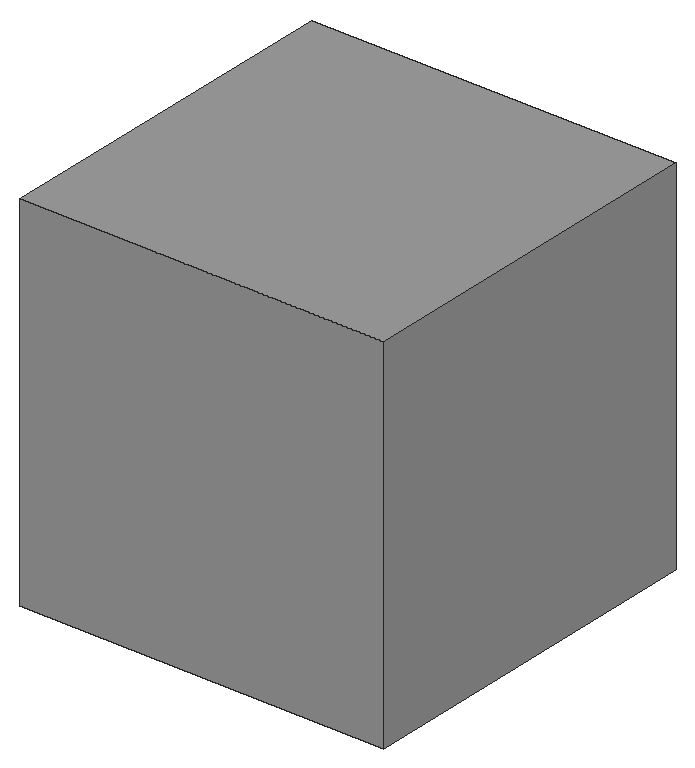
Revit family "Handhole", category Electrical Fixtures, Revit 2022
Family settings
  Round Connector Dimension = Use Diameter
  Part Type = Normal
  OmniClass Number = 23.80.00.00
  OmniClass Title = Electric Power and Lighting
  Work Plane-Based = No
  Always vertical = Yes
  Cut with Voids When Loaded = No
  Maintain Annotation Orientation = No
  Shared = No
  Room Calculation Point = No
Parameters
  Width [instance] = 200 mm * ScaleFactor  # 200 mm
  SubSquare [instance] = 200 mm
  ScaleFactor [instance] = 1
  Material Code [instance] = ""
  LargeSquare [instance] = 200 mm
  IsAutoCalculatePullBoxSize [instance] = ""
  Height [instance] = 200 mm * ScaleFactor  # 200 mm
  Diameter [instance] = 180 mm * ScaleFactor  # 180 mm
  Depth [instance] = 200 mm * ScaleFactor  # 200 mm
  Default Elevation = 0 mm
Reference planes
  plane 1 "Center (Front/Back)": y = 0
  plane 2: z = 0
  plane 3 "Center (Left/Right)": x = 0
  plane 4: x = -100
  plane 5: x = 100
  plane 6: y = 100
  plane 7: y = -100
  plane 8 "top ref": z = 100
  plane 9: z = -100
Forms (mm)
  Extrusion 1, solid, material "Default"
    sketch origin (0, 0, 0) x (1, 0, 0) y (0, 1, 0)
      loop
        line (-100, 100) -> (-100, -100) -> (100, -100) -> (100, 100) -> (-100, 100)
    from -100 to 100
Lines and regions (mm)
  model lines, style "Pull Box Line"
    curve 1: circle (0, 0, 100) r 90 normal (0, 0, 1)
Dimensions and locks
  "Height": Extrusion 1 to Extrusion 1
  equal spacing: Extrusion 1, level, Extrusion 1
  equal spacing: plane 4, plane 3 "Center (Left/Right)", plane 5
  "Width": plane 4 to plane 5
  equal spacing: plane 7, plane 1 "Center (Front/Back)", plane 6
  "Depth": plane 7 to plane 6
  equal spacing: plane 8 "top ref", level, plane 9
  "Height": plane 8 "top ref" to plane 9
  "Diameter": diameter of curve 1
  aligned and locked: level to plane 2
  aligned and locked: plane 6 to Extrusion 1 sketch curve
  aligned and locked: Extrusion 1 sketch curve to plane 7
  aligned and locked: Extrusion 1 sketch curve to plane 5
  aligned and locked: plane 4 to Extrusion 1 sketch curve
Automatic sketch dimensions
  plane 1 "Center (Front/Back)" to curve 1 = 0 mm
  curve 1 to plane 3 "Center (Left/Right)" = 0 mm
Connectors
  cabletrayconduit at (0, 0, 100), diameter 16
    settings: on Extrusion 1, index 1, connector width 300 mm, connector height 300 mm, connector angle 0.00°, system type 32, placement type 0, profile type 0, connector reference index -1, is primary connector yes, connector utility param no, connector description "Top"
  cabletrayconduit at (0, 100, 0), diameter 16
    settings: on Extrusion 1, index 2, connector width 300 mm, connector height 300 mm, connector angle 0.00°, system type 32, placement type 0, profile type 0, connector reference index -1, is primary connector no, connector utility param no, connector description "Back"
  cabletrayconduit at (0, -100, 0), diameter 16
    settings: on Extrusion 1, index 3, connector width 300 mm, connector height 300 mm, connector angle 0.00°, system type 32, placement type 0, profile type 0, connector reference index -1, is primary connector no, connector utility param no, connector description "Front"
  cabletrayconduit at (-100, 0, 0), diameter 16
    settings: on Extrusion 1, index 4, connector width 300 mm, connector height 300 mm, connector angle 0.00°, system type 32, placement type 0, profile type 0, connector reference index -1, is primary connector no, connector utility param no, connector description "Left"
  cabletrayconduit at (100, 0, 0), diameter 16
    settings: on Extrusion 1, index 5, connector width 300 mm, connector height 300 mm, connector angle 0.00°, system type 32, placement type 0, profile type 0, connector reference index -1, is primary connector no, connector utility param no, connector description "Right"
  cabletrayconduit at (0, 0, -100), diameter 16
    settings: on Extrusion 1, index 6, connector width 300 mm, connector height 300 mm, connector angle 0.00°, system type 32, placement type 0, profile type 0, connector reference index -1, is primary connector no, connector utility param no, connector description "Bottom"
